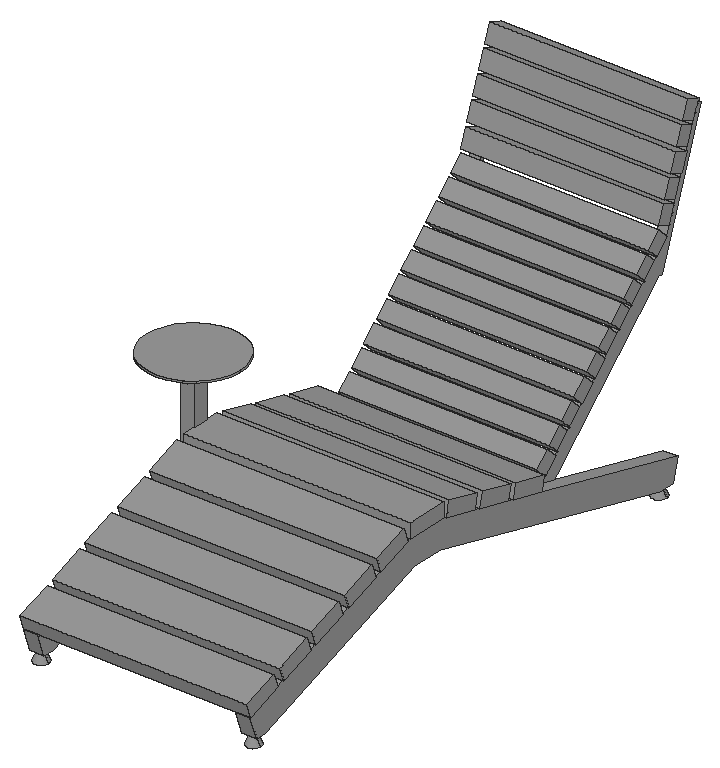
Revit family "40281 Лежак «Городской» со столиком Хоббика", category Антураж, Revit 2018
Family settings
  На основе рабочей плоскости = Нет
  Всегда вертикально = Да
  При загрузке вырезать с полостями = Нет
  Источник визуального образа = Геометрия семейства
  Общий = Нет
  Точка расчета площади = Нет
Parameters (values of type "Лежак «Городской» со столиком")
  Ширина = 780 mm  # constant formula
  Цвет отделки = Дерево
  Цвет каркаса = Сталь
  Описание = "Лежак «Городской» со столиком"  # constant formula
  Материал изделия = "Сталь, дерево"  # constant formula
  Изображение типоразмера = Лежак «Городской» со столиком Арт 40281.jpg
  Изготовитель = "ООО «Хоббика»"  # constant formula
  Длина = 1640 mm  # constant formula
  Группа модели = "Лежаки и шезлонги"  # constant formula
  Высота = 930 mm  # constant formula
  Артикул товара = "Арт. 40281"  # constant formula
  URL = "https://hobbyka.ru/product/lezhak_gorodskoy_so_stolikom"
Reference planes
  plane 1 "По центру (Вперед/Назад)": y = 0
  plane 2: z = 0
  plane 3 "По центру (Влево/Вправо)": x = 0
  plane 4: x = 780
  plane 5: y = 1640
  plane 6: z = 930
Forms (mm)
  Extrusion 1, solid, material "Сталь" <- "Цвет каркаса"
    sketch origin (0, 0, 0) x (0, 1, 0) y (0, 0, 1)
      loop
        line (1511.245, 87.334) -> (698.397, 290) -> (584.774, 290) -> (26.497, 86.804) -> (48.735, 25.706) -> (77.918, 25.706) -> (597.999, 215) -> (689.189, 215) -> (1448.405, 25.706) -> (1495.879, 25.706) -> (1511.245, 87.334)
    from 150 to 190
  Extrusion 2, solid, material "Сталь" <- "Цвет каркаса"
    sketch origin (0, 0, 0) x (0, 1, 0) y (0, 0, 1)
      loop
        line (1511.245, 87.334) -> (698.397, 290) -> (584.774, 290) -> (26.497, 86.804) -> (48.735, 25.706) -> (77.918, 25.706) -> (597.999, 215) -> (689.189, 215) -> (1448.405, 25.706) -> (1495.879, 25.706) -> (1511.245, 87.334)
    from 740 to 780
  Extrusion 3, solid, material "Сталь" <- "Цвет каркаса"
    sketch origin (0, 0, 0) x (0, 1, 0) y (0, 0, 1)
      loop
        line (1640, 900) -> (1630.603, 903.42) -> (1524.891, 612.98) -> (1022.925, 131.79) -> (1068.797, 120.353) -> (1494.902, 528.821) -> (1504.902, 528.821) -> (1640, 900)
    from 190 to 220
  Extrusion 4, solid, material "Сталь" <- "Цвет каркаса"
    sketch origin (0, 0, 0) x (0, 1, 0) y (0, 0, 1)
      loop
        line (1640, 900) -> (1630.603, 903.42) -> (1524.891, 612.98) -> (1022.925, 131.79) -> (1068.797, 120.353) -> (1494.902, 528.821) -> (1504.902, 528.821) -> (1640, 900)
    from 710 to 740
  Extrusion 5, solid, material "Сталь" <- "Цвет каркаса"
    sketch origin (0, 0, 0) x (1, 0, 0) y (0, 1, 0)
      loop
        line (150, 621.586) -> (150, 661.586) -> (110, 661.586) -> (110, 621.586) -> (150, 621.586)
    from 215 to 495
  Extrusion 6, solid, material "Сталь" <- "Цвет каркаса"
    sketch origin (0, 0, 0) x (1, 0, 0) y (0, 1, 0)
      loop
        circle (130, 641.586) r 130
    from 495 to 500
  Extrusion 7, solid, material "Дерево" <- "Цвет отделки"
    sketch origin (0, 0, 0) x (0, 1, 0) y (0, 0, 1)
      loop
        line (698.397, 290) -> (698.397, 330) -> (583.397, 330) -> (583.397, 290) -> (698.397, 290)
      loop
        line (574.162, 286.137) -> (560.481, 323.725) -> (466.511, 289.523) -> (480.192, 251.935) -> (574.162, 286.137)
      loop
        line (461.398, 245.095) -> (447.718, 282.683) -> (353.748, 248.481) -> (367.429, 210.893) -> (461.398, 245.095)
      loop
        line (348.635, 204.053) -> (334.955, 241.64) -> (240.985, 207.438) -> (254.666, 169.851) -> (348.635, 204.053)
      loop
        line (235.872, 163.01) -> (222.191, 200.598) -> (128.222, 166.396) -> (141.903, 128.808) -> (235.872, 163.01)
      loop
        line (123.109, 121.968) -> (109.428, 159.555) -> (15.459, 125.353) -> (29.14, 87.766) -> (123.109, 121.968)
      loop
        line (708.1, 287.581) -> (805.13, 263.389) -> (814.807, 302.2) -> (717.777, 326.393) -> (708.1, 287.581)
      loop
        line (824.536, 258.55) -> (921.565, 234.358) -> (931.242, 273.17) -> (834.213, 297.362) -> (824.536, 258.55)
      loop
        line (940.971, 229.52) -> (1038.001, 205.327) -> (1047.678, 244.139) -> (950.648, 268.331) -> (940.971, 229.52)
    from 150 to 780
  Extrusion 8, solid, material "Дерево" <- "Цвет отделки"
    sketch origin (0, 0, 0) x (0, 1, 0) y (0, 0, 1)
      loop
        line (1524.891, 612.98) -> (1497.205, 641.862) -> (1461.11, 607.261) -> (1488.797, 578.379) -> (1524.891, 612.98)
      loop
        line (1481.578, 571.459) -> (1453.891, 600.341) -> (1417.797, 565.741) -> (1445.484, 536.859) -> (1481.578, 571.459)
      loop
        line (1438.265, 529.939) -> (1410.578, 558.821) -> (1374.484, 524.22) -> (1402.17, 495.338) -> (1438.265, 529.939)
      loop
        line (1394.951, 488.418) -> (1367.265, 517.3) -> (1331.17, 482.7) -> (1358.857, 453.818) -> (1394.951, 488.418)
      loop
        line (1351.638, 446.897) -> (1323.951, 475.779) -> (1287.857, 441.179) -> (1315.544, 412.297) -> (1351.638, 446.897)
      loop
        line (1308.325, 405.377) -> (1280.638, 434.259) -> (1244.544, 399.658) -> (1272.23, 370.776) -> (1308.325, 405.377)
      loop
        line (1265.898, 362.951) -> (1238.212, 391.832) -> (1202.117, 357.232) -> (1229.804, 328.35) -> (1265.898, 362.951)
      loop
        line (1222.585, 321.43) -> (1194.898, 350.312) -> (1158.804, 315.712) -> (1186.491, 286.83) -> (1222.585, 321.43)
      loop
        line (1180.159, 279.004) -> (1152.472, 307.886) -> (1116.378, 273.285) -> (1144.064, 244.403) -> (1180.159, 279.004)
      loop
        line (1136.845, 237.483) -> (1109.159, 266.365) -> (1073.064, 231.765) -> (1100.751, 202.883) -> (1136.845, 237.483)
      loop
        line (1534.355, 638.982) -> (1551.456, 685.966) -> (1513.869, 699.647) -> (1496.768, 652.663) -> (1534.355, 638.982)
      loop
        line (1554.877, 695.363) -> (1571.978, 742.348) -> (1534.39, 756.029) -> (1517.289, 709.044) -> (1554.877, 695.363)
      loop
        line (1575.398, 751.745) -> (1592.499, 798.729) -> (1554.911, 812.41) -> (1537.81, 765.426) -> (1575.398, 751.745)
      loop
        line (1595.919, 808.126) -> (1613.02, 855.111) -> (1575.432, 868.792) -> (1558.331, 821.807) -> (1595.919, 808.126)
      loop
        line (1616.44, 864.508) -> (1633.541, 911.493) -> (1595.953, 925.173) -> (1578.852, 878.189) -> (1616.44, 864.508)
    from 190 to 740
  Blend 9, solid, material "Сталь" <- "Цвет каркаса"
    base sketch origin (0, -31.42, 0) x (1, 0, 0) y (0, 1, 0)
      loop
        circle (170, 1503.562) r 20
    top sketch origin (0, -31.42, 0) x (1, 0, 0) y (0, 1, 0)
      loop
        circle (170, 1503.562) r 7.5
    from 0 to 25.706
  Blend 10, solid, material "Сталь" <- "Цвет каркаса"
    base sketch origin (0, -1440.236, 0) x (1, 0, 0) y (0, 1, 0)
      loop
        circle (170, 1503.562) r 20
    top sketch origin (0, -1440.236, 0) x (1, 0, 0) y (0, 1, 0)
      loop
        circle (170, 1503.562) r 7.5
    from 0 to 25.706
  Blend 11, solid, material "Сталь" <- "Цвет каркаса"
    base sketch origin (590, -31.42, 0) x (1, 0, 0) y (0, 1, 0)
      loop
        circle (170, 1503.562) r 20
    top sketch origin (590, -31.42, 0) x (1, 0, 0) y (0, 1, 0)
      loop
        circle (170, 1503.562) r 7.5
    from 0 to 25.706
  Blend 12, solid, material "Сталь" <- "Цвет каркаса"
    base sketch origin (590, -1440.236, 0) x (1, 0, 0) y (0, 1, 0)
      loop
        circle (170, 1503.562) r 20
    top sketch origin (590, -1440.236, 0) x (1, 0, 0) y (0, 1, 0)
      loop
        circle (170, 1503.562) r 7.5
    from 0 to 25.706
Dimensions and locks
  "Длина": plane 5 to plane 1 "По центру (Вперед/Назад)"
  "Ширина": plane 3 "По центру (Влево/Вправо)" to plane 4
  "Высота": plane 6 to plane 2
  aligned and locked: level to plane 2
Automatic sketch dimensions
  Extrusion 1 sketch curve to plane 1 "По центру (Вперед/Назад)" = 26.497 mm
  level to Extrusion 1 sketch curve = 25.706 mm  (x2)
  Extrusion 1 sketch curve to plane 1 "По центру (Вперед/Назад)" = 48.735 mm
  Extrusion 1 sketch curve to Extrusion 1 sketch curve = 29.183 mm
  level to Extrusion 1 sketch curve = 290 mm
  Extrusion 1 sketch curve to Extrusion 1 sketch curve = 506.856 mm
  level to Extrusion 1 sketch curve = 215 mm
  Extrusion 1 sketch curve to Extrusion 1 sketch curve = 13.225 mm
  Extrusion 1 sketch curve to Extrusion 1 sketch curve = 91.19 mm
  Extrusion 1 sketch curve to Extrusion 1 sketch curve = 9.209 mm
  Extrusion 1 sketch curve to plane 5 = 191.595 mm
  Extrusion 1 sketch curve to Extrusion 1 sketch curve = 47.475 mm
  level to Extrusion 1 sketch curve = 87.334 mm
  Extrusion 2 sketch curve to plane 1 "По центру (Вперед/Назад)" = 26.497 mm
  level to Extrusion 2 sketch curve = 25.706 mm  (x2)
  Extrusion 2 sketch curve to plane 1 "По центру (Вперед/Назад)" = 48.735 mm
  Extrusion 2 sketch curve to Extrusion 2 sketch curve = 29.183 mm
  level to Extrusion 2 sketch curve = 290 mm
  Extrusion 2 sketch curve to Extrusion 2 sketch curve = 506.856 mm
  level to Extrusion 2 sketch curve = 215 mm
  Extrusion 2 sketch curve to Extrusion 2 sketch curve = 13.225 mm
  Extrusion 2 sketch curve to Extrusion 2 sketch curve = 91.19 mm
  Extrusion 2 sketch curve to Extrusion 2 sketch curve = 9.209 mm
  Extrusion 2 sketch curve to plane 5 = 191.595 mm
  Extrusion 2 sketch curve to Extrusion 2 sketch curve = 47.475 mm
  level to Extrusion 2 sketch curve = 87.334 mm
  Extrusion 3 sketch curve to plane 5 = 0 mm
  Extrusion 3 sketch curve to plane 5 = 9.397 mm
  Extrusion 3 sketch curve to plane 5 = 115.109 mm
  Extrusion 3 sketch curve to Extrusion 3 sketch curve = 19.989 mm
  Extrusion 3 sketch curve to Extrusion 3 sketch curve = 10 mm
  level to Extrusion 3 sketch curve = 120.353 mm
  Extrusion 3 sketch curve to plane 5 = 571.203 mm
  level to Extrusion 3 sketch curve = 131.79 mm
  Extrusion 3 sketch curve to Extrusion 3 sketch curve = 45.872 mm
  Extrusion 3 sketch curve to plane 6 = 401.179 mm
  Extrusion 3 sketch curve to Extrusion 3 sketch curve = 84.158 mm
  Extrusion 4 sketch curve to plane 5 = 0 mm
  Extrusion 4 sketch curve to plane 5 = 9.397 mm
  Extrusion 4 sketch curve to plane 5 = 115.109 mm
  Extrusion 4 sketch curve to Extrusion 4 sketch curve = 19.989 mm
  Extrusion 4 sketch curve to Extrusion 4 sketch curve = 10 mm
  level to Extrusion 4 sketch curve = 120.353 mm
  Extrusion 4 sketch curve to plane 5 = 571.203 mm
  level to Extrusion 4 sketch curve = 131.79 mm
  Extrusion 4 sketch curve to Extrusion 4 sketch curve = 45.872 mm
  Extrusion 4 sketch curve to plane 6 = 401.179 mm
  Extrusion 4 sketch curve to Extrusion 4 sketch curve = 84.158 mm
  plane 3 "По центру (Влево/Вправо)" to Extrusion 5 sketch curve = 110 mm
  Extrusion 5 sketch curve to Extrusion 5 sketch curve = 40 mm  (x2)
  Extrusion 5 sketch curve to plane 1 "По центру (Вперед/Назад)" = 621.586 mm
  plane 3 "По центру (Влево/Вправо)" to Extrusion 6 sketch curve = 130 mm
  Extrusion 6 sketch curve to plane 1 "По центру (Вперед/Назад)" = 641.586 mm
  Extrusion 7 sketch curve to plane 1 "По центру (Вперед/Назад)" = 15.459 mm
  Extrusion 7 sketch curve to plane 1 "По центру (Вперед/Назад)" = 29.14 mm
  Extrusion 7 sketch curve to Extrusion 7 sketch curve = 93.969 mm  (x5)
  Extrusion 7 sketch curve to Extrusion 7 sketch curve = 18.794 mm  (x8)
  level to Extrusion 7 sketch curve = 169.851 mm
  level to Extrusion 7 sketch curve = 241.64 mm
  level to Extrusion 7 sketch curve = 210.893 mm
  level to Extrusion 7 sketch curve = 282.683 mm
  level to Extrusion 7 sketch curve = 251.935 mm
  level to Extrusion 7 sketch curve = 323.725 mm
  Extrusion 7 sketch curve to Extrusion 7 sketch curve = 22.917 mm
  Extrusion 7 sketch curve to Extrusion 7 sketch curve = 115 mm
  level to Extrusion 7 sketch curve = 287.581 mm
  Extrusion 7 sketch curve to Extrusion 7 sketch curve = 9.703 mm
  level to Extrusion 7 sketch curve = 326.393 mm
  Extrusion 7 sketch curve to Extrusion 7 sketch curve = 19.38 mm
  level to Extrusion 7 sketch curve = 263.389 mm
  level to Extrusion 7 sketch curve = 258.55 mm
  Extrusion 7 sketch curve to Extrusion 7 sketch curve = 19.406 mm  (x4)
  level to Extrusion 7 sketch curve = 297.362 mm
  level to Extrusion 7 sketch curve = 234.358 mm
  level to Extrusion 7 sketch curve = 229.52 mm
  level to Extrusion 7 sketch curve = 268.331 mm
  level to Extrusion 7 sketch curve = 205.327 mm
  Extrusion 7 sketch curve to Extrusion 7 sketch curve = 41.042 mm
  Extrusion 7 sketch curve to Extrusion 7 sketch curve = 6.84 mm  (x2)
  Extrusion 7 sketch curve to Extrusion 7 sketch curve = 34.202 mm
  Extrusion 7 sketch curve to Extrusion 7 sketch curve = 2.419 mm
  Extrusion 7 sketch curve to Extrusion 7 sketch curve = 3.607 mm
  level to Extrusion 8 sketch curve = 231.765 mm
  Extrusion 8 sketch curve to plane 5 = 566.936 mm
  level to Extrusion 8 sketch curve = 202.883 mm
  Extrusion 8 sketch curve to Extrusion 8 sketch curve = 27.687 mm
  level to Extrusion 8 sketch curve = 266.365 mm
  Extrusion 8 sketch curve to Extrusion 8 sketch curve = 7.219 mm  (x14)
  level to Extrusion 8 sketch curve = 244.403 mm
  level to Extrusion 8 sketch curve = 307.886 mm
  Extrusion 8 sketch curve to Extrusion 8 sketch curve = 36.094 mm  (x8)
  Extrusion 8 sketch curve to Extrusion 8 sketch curve = 6.332 mm  (x4)
  level to Extrusion 8 sketch curve = 286.83 mm
  level to Extrusion 8 sketch curve = 350.312 mm
  Extrusion 8 sketch curve to Extrusion 8 sketch curve = 35.657 mm
  Extrusion 8 sketch curve to Extrusion 8 sketch curve = 0.437 mm
  Extrusion 8 sketch curve to Extrusion 8 sketch curve = 17.101 mm  (x4)
  Extrusion 8 sketch curve to Extrusion 8 sketch curve = 3.42 mm  (x8)
  Extrusion 8 sketch curve to Extrusion 8 sketch curve = 9.464 mm
  Extrusion 8 sketch curve to plane 6 = 4.827 mm
  Extrusion 8 sketch curve to plane 5 = 44.047 mm
  Extrusion 8 sketch curve to Extrusion 8 sketch curve = 6.92 mm  (x12)
  Extrusion 8 sketch curve to Extrusion 8 sketch curve = 7.826 mm  (x2)
  Extrusion 8 sketch curve to Extrusion 8 sketch curve = 26.002 mm
  Extrusion 8 sketch curve to Extrusion 8 sketch curve = 10.801 mm
  Extrusion 8 sketch curve to Extrusion 8 sketch curve = 9.397 mm  (x7)
  plane 3 "По центру (Влево/Вправо)" to Blend 9 sketch curve = 170 mm  (x2)
  Blend 9 sketch curve to plane 5 = 167.858 mm  (x2)
  Blend 10 sketch curve to plane 1 "По центру (Вперед/Назад)" = 63.326 mm  (x2)
  plane 3 "По центру (Влево/Вправо)" to Blend 10 sketch curve = 170 mm  (x2)
  Blend 11 sketch curve to plane 4 = 20 mm  (x2)
  Blend 11 sketch curve to plane 5 = 167.858 mm  (x2)
  Blend 12 sketch curve to plane 4 = 20 mm  (x2)
  Blend 12 sketch curve to plane 1 "По центру (Вперед/Назад)" = 63.326 mm  (x2)
  radius of Extrusion 6 sketch curve = 130 mm
  radius of Blend 9 sketch curve = 20 mm
  radius of Blend 9 sketch curve = 7.5 mm
  radius of Blend 10 sketch curve = 20 mm
  radius of Blend 10 sketch curve = 7.5 mm
  radius of Blend 11 sketch curve = 20 mm
  radius of Blend 11 sketch curve = 7.5 mm
  radius of Blend 12 sketch curve = 20 mm
  radius of Blend 12 sketch curve = 7.5 mm
